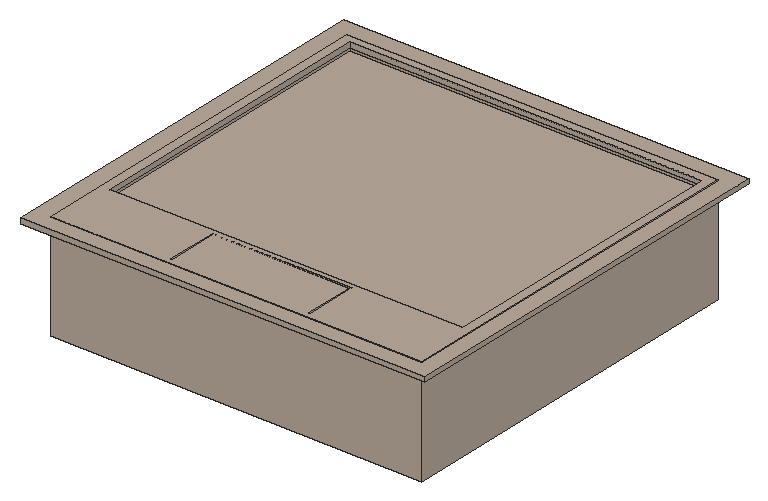
Revit family "Geräteeinsätze GES_Geräteeinsatz_GES9-3S_mit_Rastschieber", category Generic Models, Revit 2015
Parameters (values of type "GES9-3S U 1019")
  Width 2 = 242 mm
  Width = 264 mm
  URL = "http://www.obo-bettermann.com"
  Snur width = 89 mm
  Material = Plastic RAL 1019
  Manufacturer Art. No. = "7405087"
  Manufacturer = "OBO Bettermann"
  Inner cut2 = 17 mm
  Inner cut = 16 mm
  Height = 67 mm
  GTIN = "4012196460564"
  Article Type = "GES9-3S U 1019"
Types (4, lengths in mm): name | Material | Manufacturer Art. No. | GTIN | Article Type
  (no name) | Plastic RAL 1019 | "7405087" | "4012196460564" | "GES9-3S U 1019"
  GES9-3S U 9011 | Plastic RAL 9011 | "7405085" | "4012196460557" | "GES9-3S U 9011"
  GES9-3S U 7011 | Plastic RAL 7011 | "7405083" | "4012196460540\r\n4012196460540" | "GES9-3S U 7011"
  GES9-3S U 1019 | Plastic RAL 1019 | "7405087" | "4012196460564" | "GES9-3S U 1019"
Reference planes
  plane 1 "Center (Front/Back)": y = 0
  plane 2: z = 0
  plane 3 "Center (Left/Right)": x = 0
  plane 4: z = -67
  plane 5: x = -132
  plane 6: x = 132
  plane 7: y = 132
  plane 8: y = -132
  plane 9: z = 3
  plane 10: y = 121
  plane 11: y = -121
  plane 12: x = -121
  plane 13: x = 121
  plane 14: y = -80
  plane 15: y = 116
  plane 16: x = -115
  plane 17: x = 115
  plane 18: z = -2
  plane 19: x = -116
  plane 20: x = 116
  plane 21: y = -104
  plane 22: y = 104
  plane 23: z = -9
  plane 24: x = -44.5
  plane 25: x = 44.5
  plane 26: y = -84.377
  plane 27: x = -45.5
  plane 28: y = -83
  plane 29: x = 45.5
  plane 30: y = -117
Forms (mm)
  Extrusion 1, solid, material "Plastic RAL 1019" <- "Material"
    sketch origin (0, 0, 0) x (1, 0, 0) y (0, 1, 0)
      loop
        line (-132, 132) -> (-132, -132) -> (132, -132) -> (132, 132) -> (-132, 132)
    from 3 to 0
  Extrusion 2, solid, material "Plastic RAL 1019" <- "Material"
    sketch origin (0, 0, 0) x (1, 0, 0) y (0, 1, 0)
      loop
        line (-121, 121) -> (-121, -121) -> (121, -121) -> (121, 121) -> (-121, 121)
    from -67 to 3
  Extrusion 3, void
    sketch origin (0, 0, 0) x (1, 0, 0) y (0, 1, 0)
      loop
        line (-115, 116) -> (-115, -80) -> (115, -80) -> (115, 116) -> (-115, 116)
    from -2 to 3
  Extrusion 4, void
    sketch origin (0, 0, 0) x (1, 0, 0) y (0, 1, 0)
      loop
        line (116, 104) -> (-116, 104) -> (-116, -104) -> (116, -104) -> (116, 104)
    from -67 to -9
  Extrusion 5, void
    sketch origin (0, 0, 0) x (1, 0, 0) y (0, 1, 0)
      loop
        line (-45.5, -83) -> (-45.5, -117) -> (-44.5, -117) -> (-44.5, -84.377) -> (44.5, -84.377) -> (44.5, -117) -> (45.5, -117) -> (45.5, -83) -> (-45.5, -83)
    from -9 to 3
Cuts and joins
  Extrusion 3, Extrusion 4, Extrusion 5 cuts Extrusion 1
  Extrusion 3, Extrusion 4, Extrusion 5 cuts Extrusion 2
Lines and regions (mm)
  model lines
    curve 1: line (-132, -132, 0) -> (-132, 132, 0)
    curve 2: line (-132, 132, 0) -> (132, 132, 0)
    curve 3: line (132, 132, 0) -> (132, -132, 0)
    curve 4: line (132, -132, 0) -> (-132, -132, 0)
    curve 5: line (-121, 121, 0) -> (121, 121, 0)
    curve 6: line (121, 121, 0) -> (121, -121, 0)
    curve 7: line (121, -121, 0) -> (-121, -121, 0)
    curve 8: line (-121, -121, 0) -> (-121, 121, 0)
    curve 9: line (-115, 116, 0) -> (115, 116, 0)
    curve 10: line (115, 116, 0) -> (115, -80, 0)
    curve 11: line (115, -80, 0) -> (-115, -80, 0)
    curve 12: line (-115, -80, 0) -> (-115, 116, 0)
    curve 13: line (-116, 104, 0) -> (-116, -104, 0)
    curve 14: line (-116, -104, 0) -> (116, -104, 0)
    curve 15: line (116, -104, 0) -> (116, 104, 0)
    curve 16: line (116, 104, 0) -> (-116, 104, 0)
    curve 17: line (-44.5, -117, 0) -> (-44.5, -84.377, 0)
    curve 18: line (-44.5, -84.377, 0) -> (44.5, -84.377, 0)
    curve 19: line (44.5, -84.377, 0) -> (44.5, -117, 0)
    curve 20: line (45.5, -117, 0) -> (45.5, -83, 0)
    curve 21: line (45.5, -83, 0) -> (-45.5, -83, 0)
    curve 22: line (-45.5, -83, 0) -> (-45.5, -117, 0)
    curve 23: line (-45.5, -117, 0) -> (-44.5, -117, 0)
    curve 24: line (44.5, -117, 0) -> (45.5, -117, 0)
Dimensions and locks
  "Height": plane 4 to level
  locked: level to plane 9 at 3
  locked: plane 18 to plane 9 at 5
  locked: plane 23 to plane 9 at 12
  equal spacing: plane 5, plane 3 "Center (Left/Right)", plane 6
  "Width": plane 5 to plane 6
  equal spacing: plane 7, plane 1 "Center (Front/Back)", plane 8
  "Width": plane 7 to plane 8
  equal spacing: plane 12, plane 3 "Center (Left/Right)", plane 13
  "Width 2": plane 12 to plane 13
  equal spacing: plane 10, plane 1 "Center (Front/Back)", plane 11
  "Width 2": plane 10 to plane 11
  locked: plane 12 to plane 19 at 5
  plane 20 to plane 13 = 5 mm
  "Inner cut2": plane 21 to plane 11
  "Inner cut2": plane 10 to plane 22
  "Inner cut": plane 7 to plane 15
  plane 14 to plane 8 = 52 mm
  "Inner cut2": plane 17 to plane 6
  "Inner cut2": plane 5 to plane 16
  "Snur width": plane 24 to plane 25
  equal spacing: plane 24, plane 3 "Center (Left/Right)", plane 25
  locked: plane 27 to plane 24 at 1
  locked: plane 25 to plane 29 at 1
  locked: plane 28 to plane 26 at 1.377
  locked: plane 14 to plane 28 at 3
  locked: plane 28 to plane 30 at 34
  aligned and locked: level to plane 2
  aligned and locked: plane 5 to curve 1
  aligned and locked: curve 2 to plane 7
  aligned and locked: curve 3 to plane 6
  aligned and locked: plane 8 to curve 4
  aligned and locked: Extrusion 1 sketch curve to curve 2
  aligned and locked: Extrusion 1 sketch curve to curve 3
  aligned and locked: Extrusion 1 sketch curve to curve 4
  aligned and locked: Extrusion 1 sketch curve to curve 1
  aligned and locked: Extrusion 1 to plane 9
  aligned and locked: level to Extrusion 1
  aligned and locked: curve 5 to plane 10
  aligned and locked: curve 6 to plane 13
  aligned and locked: plane 11 to curve 7
  aligned and locked: curve 8 to plane 12
  aligned and locked: Extrusion 2 sketch curve to curve 5
  aligned and locked: Extrusion 2 sketch curve to curve 8
  aligned and locked: Extrusion 2 sketch curve to curve 6
  aligned and locked: Extrusion 2 sketch curve to curve 7
  aligned and locked: Extrusion 2 to plane 4
  aligned and locked: plane 9 to Extrusion 2
  aligned and locked: curve 9 to plane 15
  aligned and locked: curve 10 to plane 17
  aligned and locked: plane 14 to curve 11
  aligned and locked: plane 16 to curve 12
  aligned and locked: Extrusion 3 sketch curve to curve 9
  aligned and locked: Extrusion 3 sketch curve to curve 10
  aligned and locked: Extrusion 3 sketch curve to curve 11
  aligned and locked: Extrusion 3 sketch curve to curve 12
  aligned and locked: Extrusion 3 to plane 18
  aligned and locked: plane 9 to Extrusion 3
  aligned and locked: curve 13 to plane 19
  aligned and locked: curve 14 to plane 21
  aligned and locked: plane 20 to curve 15
  aligned and locked: curve 16 to plane 22
  aligned and locked: Extrusion 4 sketch curve to curve 16
  aligned and locked: Extrusion 4 sketch curve to curve 13
  aligned and locked: Extrusion 4 sketch curve to curve 14
  aligned and locked: Extrusion 4 sketch curve to curve 15
  aligned and locked: Extrusion 4 to plane 4
  aligned and locked: plane 23 to Extrusion 4
  aligned and locked: curve 17 to plane 24
  aligned and locked: curve 18 to plane 26
  aligned and locked: curve 19 to plane 25
  aligned and locked: curve 20 to plane 29
  aligned and locked: curve 21 to plane 28
  aligned and locked: curve 22 to plane 27
  aligned and locked: curve 23 to plane 30
  aligned and locked: plane 30 to curve 24
  aligned and locked: Extrusion 5 sketch curve to curve 22
  aligned and locked: Extrusion 5 sketch curve to curve 17
  aligned and locked: Extrusion 5 sketch curve to curve 23
  aligned and locked: Extrusion 5 sketch curve to curve 18
  aligned and locked: Extrusion 5 sketch curve to curve 21
  aligned and locked: Extrusion 5 sketch curve to curve 19
  aligned and locked: Extrusion 5 sketch curve to curve 20
  aligned and locked: Extrusion 5 sketch curve to curve 24
  aligned and locked: Extrusion 5 to cut or joined group of Extrusion 2, Extrusion 3, Extrusion 4, Extrusion 5
  aligned and locked: plane 9 to Extrusion 5
Automatic sketch dimensions
  curve 14 to plane 19 = 0 mm
  Extrusion 5 sketch curve to plane 27 = 0 mm
